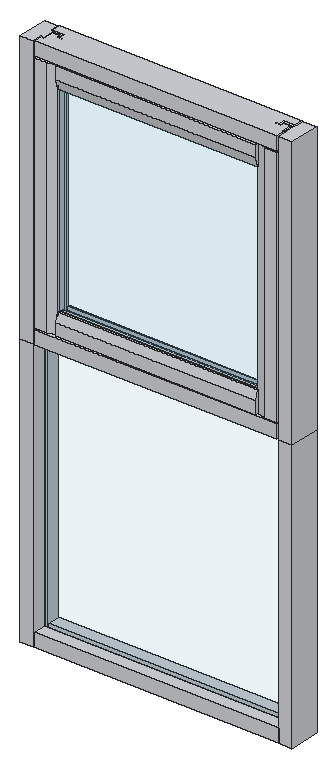
Revit family "ProTilt® High Performance AW-CA Window-SG & DG- Low lite", category Windows, host Wall, Revit 2021
Family settings
  Host = Wall
  OmniClass Number = 23.30.20.00
  OmniClass Title = Windows
  Always vertical = Yes
  Cut with Voids When Loaded = No
  Shared = No
  Room Calculation Point = No
Parameters (values of type "ASW100 MITRED ADAPTOR")
  YEAR = "2022"  # constant formula
  Width = 0.000 mm  # constant formula
  URL = "WWW.ALSPEC.COM.AU"
  TOLERANCE = 0.000 mm  # constant formula
  Single Glazing Thickness [instance] = 5.000 mm
  Single Glazed [instance] = not(Double Glazed)  # no
  Sash Material [instance] = none
  Rough Width = 0.000 mm  # constant formula
  Rough Height = 0.000 mm  # constant formula
  Overall Width [instance] = 900.000 mm
  AW/CA Window Height [instance] = 900.000 mm
  Opening- Right [instance] = yes
  Opening- Left [instance] = yes
  Opening- Down [instance] = yes
  Offset [instance] = 10.000 mm  # constant formula
  Model = "ProTilt® High Performance Awning/Casement Window-SG & DG "  # constant formula
  Manufacturer = "ALSPEC"
  Low Lite Height [instance] = 900.000 mm
  Height = 0.000 mm  # constant formula
  Glazing Material [instance] = Glass
  Frame material [instance] = none
  Fixed Glass Thickness [instance] = 8.000 mm
  Ext Frame Width = 49.400 mm  # constant formula
  Double Glazing Thickness [instance] = 18.000 mm
  Double Glazed [instance] = yes
  Define Thermal Properties by = Schematic Type
  Default Sill Height = 1800.000 mm
  Wall Closure = By host
  CREATOR = "Viraj Mhatre"  # constant formula
  COMPANY = "ALSPEC"  # constant formula
  Analytic Construction = "<None>"
Reference planes
  plane 1 "Center (Front/Back)": y = 0
  plane 2 "Center (Left/Right)": x = 0
  plane 3 "Left": x = -450
  plane 4 "Right": x = 450
  plane 5 "Sill": z = 1800
  plane 6 "Head": z = 2700
  plane 7 "Exterior": y = 100
  plane 8 "Interior": y = -100
  plane 9: y = 90
  plane 10: z = 1800
  plane 11: z = 1849.4
  plane 12: y = -11.6
  plane 13 "FRAME CENTRE": y = 42
  plane 14: y = 72.8
  plane 15: z = 2700
  plane 16: x = -400.6
  plane 17: x = 400.6
  plane 18: y = 38.4
  plane 19: z = 2650.6
  plane 20: y = 14.9
  plane 21: z = 2250
  plane 22: y = 6.1
  plane 23: z = 1050.335
  plane 24: z = 900
  plane 25: y = 39.2
  plane 26: x = -405.5
  plane 27: x = 405.5
  plane 28: y = 43.2
  plane 29: y = 35.2
  plane 30: x = -415.5
  plane 31: x = 415.5
  plane 32: z = 933.897
  plane 33: z = 1810.603
Forms (mm)
  Extrusion 1, solid, material <- "Frame material", visible <- "Double Glazed"
    sketch origin (-172.583, 264.351, 2700) x (0, 1, 0) y (-1, 0, 0)
      loop
        line (-275.951, -622.583) -> (-174.351, -622.583) -> (-174.351, -578.183) -> (-201.921, -578.183) -> (-201.921, -537.685) -> (-220.321, -537.685) -> (-220.321, -527.685) -> (-221.921, -527.685) -> (-221.921, -542.685) -> (-210.921, -542.685) -> (-210.921, -568.183) -> (-245.801, -568.183) -> (-245.801, -578.183) -> (-275.951, -578.183) -> (-275.951, -622.583)
      loop
        line (-275.951, 277.417) -> (-275.951, 233.017) -> (-245.801, 233.017) -> (-245.801, 223.017) -> (-210.921, 223.017) -> (-210.921, 197.519) -> (-221.921, 197.519) -> (-221.921, 182.52) -> (-220.321, 182.52) -> (-220.321, 192.52) -> (-201.921, 192.52) -> (-201.921, 233.017) -> (-174.351, 233.017) -> (-174.351, 277.417) -> (-275.951, 277.417)
    from -900 to 0
  Extrusion 2, solid, material <- "Frame material", visible <- "Double Glazed"
    sketch origin (-450, 0, 0) x (0, -1, 0) y (0, 0, 1)
      loop
        line (-62.43, 2655.6) -> (-62.43, 2615.103) -> (-44.03, 2615.103) -> (-44.03, 2605.103) -> (-42.43, 2605.103) -> (-42.43, 2620.102) -> (-53.43, 2620.102) -> (-53.43, 2645.6) -> (-18.55, 2645.6) -> (-18.55, 2655.6) -> (11.6, 2655.6) -> (11.6, 2700) -> (-90, 2700) -> (-90, 2655.6) -> (-62.43, 2655.6)
      loop
        line (11.6, 1800) -> (11.6, 1844.4) -> (-18.55, 1844.4) -> (-18.55, 1854.4) -> (-53.43, 1854.4) -> (-53.43, 1883.297) -> (-42.43, 1883.297) -> (-42.43, 1894.897) -> (-44.03, 1894.897) -> (-44.03, 1884.897) -> (-62.43, 1884.897) -> (-62.43, 1844.4) -> (-90, 1844.4) -> (-90, 1800) -> (11.6, 1800)
    from -850.6 to -49.4
  Extrusion 3, solid, material <- "Frame material", visible <- "Single Glazed"
    sketch origin (-172.583, 264.351, 2700) x (0, 1, 0) y (-1, 0, 0)
      loop
        line (-174.351, 277.417) -> (-275.951, 277.417) -> (-275.951, 233.017) -> (-245.801, 233.017) -> (-245.801, 223.017) -> (-210.921, 223.017) -> (-210.921, 194.12) -> (-221.921, 194.12) -> (-221.921, 182.52) -> (-220.321, 182.52) -> (-220.321, 192.52) -> (-201.921, 192.52) -> (-201.921, 233.017) -> (-174.351, 233.017) -> (-174.351, 277.417)
      loop
        line (-174.351, -622.583) -> (-174.351, -578.183) -> (-201.921, -578.183) -> (-201.921, -537.685) -> (-220.321, -537.685) -> (-220.321, -527.685) -> (-221.921, -527.685) -> (-221.921, -539.285) -> (-210.921, -539.285) -> (-210.921, -568.183) -> (-245.801, -568.183) -> (-245.801, -578.183) -> (-275.951, -578.183) -> (-275.951, -622.583) -> (-174.351, -622.583)
    from -900 to 0
  Extrusion 4, solid, material <- "Frame material", visible <- "Single Glazed"
    sketch origin (-450, 0, 0) x (0, -1, 0) y (0, 0, 1)
      loop
        line (11.6, 1800) -> (11.6, 1844.4) -> (-18.55, 1844.4) -> (-18.55, 1854.4) -> (-53.43, 1854.4) -> (-53.43, 1883.297) -> (-42.43, 1883.297) -> (-42.43, 1894.897) -> (-44.03, 1894.897) -> (-44.03, 1884.897) -> (-62.43, 1884.897) -> (-62.43, 1844.4) -> (-90, 1844.4) -> (-90, 1800) -> (11.6, 1800)
      loop
        line (-90, 2655.6) -> (-62.43, 2655.6) -> (-62.43, 2615.103) -> (-44.03, 2615.103) -> (-44.03, 2605.103) -> (-42.43, 2605.103) -> (-42.43, 2620.102) -> (-53.43, 2620.102) -> (-53.43, 2645.6) -> (-18.55, 2645.6) -> (-18.55, 2655.6) -> (11.6, 2655.6) -> (11.6, 2700) -> (-90, 2700) -> (-90, 2655.6)
    from -850.6 to -49.4
  Extrusion 5, solid
    sketch origin (-172.583, 264.351, 2700) x (0, 1, 0) y (-1, 0, 0)
      loop
        line (-275.951, 277.417) -> (-275.951, 232.917) -> (-234.651, 232.917) -> (-234.651, 242.917) -> (-215.651, 242.917) -> (-215.651, 232.917) -> (-174.351, 232.917) -> (-174.351, 277.417) -> (-275.951, 277.417)
      loop
        line (-234.651, -588.083) -> (-234.651, -578.083) -> (-275.951, -578.083) -> (-275.951, -622.583) -> (-174.351, -622.583) -> (-174.351, -578.083) -> (-215.651, -578.083) -> (-215.651, -588.083) -> (-234.651, -588.083)
    from -1800 to -900
  Extrusion 6, solid
    sketch origin (-450, 0, 0) x (0, -1, 0) y (0, 0, 1)
      loop
        line (-89.7, 900) -> (11.3, 900) -> (11.3, 944.5) -> (-30.403, 944.5) -> (-30.403, 933.897) -> (-48.32, 933.897) -> (-48.32, 944.488) -> (-89.7, 944.488) -> (-89.7, 900)
    from -855.5 to -44.5
  Extrusion 7, solid, material "Glass" <- "Glazing Material"
    sketch origin (-172.583, 264.351, 2700) x (0, 1, 0) y (-1, 0, 0)
      loop
        line (-221.151, 242.917) -> (-229.151, 242.917) -> (-229.151, -588.083) -> (-221.151, -588.083) -> (-221.151, 242.917)
    from -1766.103 to -889.397
Lines and regions (mm)
  Opening 1
    outline origin (3500, -100, 0) x (1, 0, 0) y (0, 0, 1)
      loop
        line (-3050, 900) -> (-3050, 2700) -> (-3950, 2700) -> (-3950, 900) -> (-3050, 900)
  Masking region 1
    outline origin (-172.583, 264.351, 2700) x (0, 1, 0) y (-1, 0, 0)
      loop
        line (-275.951, 277.417) -> (-275.951, 233.017) -> (-245.801, 233.017) -> (-245.801, 223.017) -> (-210.921, 223.017) -> (-210.921, 197.519) -> (-221.921, 197.519) -> (-221.921, 182.52) -> (-220.321, 182.52) -> (-220.321, 192.52) -> (-201.921, 192.52) -> (-201.921, 233.017) -> (-174.351, 233.017) -> (-174.351, 277.417) -> (-275.951, 277.417)
      loop
        line (-275.951, -622.583) -> (-174.351, -622.583) -> (-174.351, -578.183) -> (-201.921, -578.183) -> (-201.921, -537.685) -> (-220.321, -537.685) -> (-220.321, -527.685) -> (-221.921, -527.685) -> (-221.921, -542.685) -> (-210.921, -542.685) -> (-210.921, -568.183) -> (-245.801, -568.183) -> (-245.801, -578.183) -> (-275.951, -578.183) -> (-275.951, -622.583)
  Masking region 2
    outline origin (-450, 0, 0) x (0, -1, 0) y (0, 0, 1)
      loop
        line (-62.43, 2615.103) -> (-44.03, 2615.103) -> (-44.03, 2605.103) -> (-42.43, 2605.103) -> (-42.43, 2620.102) -> (-53.43, 2620.102) -> (-53.43, 2645.6) -> (-18.55, 2645.6) -> (-18.55, 2655.6) -> (11.6, 2655.6) -> (11.6, 2700) -> (-90, 2700) -> (-90, 2655.6) -> (-62.43, 2655.6) -> (-62.43, 2615.103)
      loop
        line (11.6, 1800) -> (11.6, 1844.4) -> (-18.55, 1844.4) -> (-18.55, 1854.4) -> (-53.43, 1854.4) -> (-53.43, 1883.297) -> (-42.43, 1883.297) -> (-42.43, 1894.897) -> (-44.03, 1894.897) -> (-44.03, 1884.897) -> (-62.43, 1884.897) -> (-62.43, 1844.4) -> (-90, 1844.4) -> (-90, 1800) -> (11.6, 1800)
  Masking region 3
    outline origin (-172.583, 264.351, 2700) x (0, 1, 0) y (-1, 0, 0)
      loop
        line (-245.801, 233.017) -> (-245.801, 223.017) -> (-210.921, 223.017) -> (-210.921, 194.12) -> (-221.921, 194.12) -> (-221.921, 182.52) -> (-220.321, 182.52) -> (-220.321, 192.52) -> (-201.921, 192.52) -> (-201.921, 233.017) -> (-174.351, 233.017) -> (-174.351, 277.417) -> (-275.951, 277.417) -> (-275.951, 233.017) -> (-245.801, 233.017)
      loop
        line (-275.951, -578.183) -> (-275.951, -622.583) -> (-174.351, -622.583) -> (-174.351, -578.183) -> (-201.921, -578.183) -> (-201.921, -537.685) -> (-220.321, -537.685) -> (-220.321, -527.685) -> (-221.921, -527.685) -> (-221.921, -539.285) -> (-210.921, -539.285) -> (-210.921, -568.183) -> (-245.801, -568.183) -> (-245.801, -578.183) -> (-275.951, -578.183)
  Masking region 4
    outline origin (-450, 0, 0) x (0, -1, 0) y (0, 0, 1)
      loop
        line (387.885, 2655.6) -> (387.885, 2700) -> (286.285, 2700) -> (286.285, 2655.6) -> (313.855, 2655.6) -> (313.855, 2615.103) -> (332.255, 2615.103) -> (332.255, 2605.103) -> (333.855, 2605.103) -> (333.855, 2616.703) -> (322.855, 2616.703) -> (322.855, 2645.6) -> (357.735, 2645.6) -> (357.735, 2655.6) -> (387.885, 2655.6)
      loop
        line (11.6, 1800) -> (11.6, 1844.4) -> (-18.55, 1844.4) -> (-18.55, 1854.4) -> (-53.43, 1854.4) -> (-53.43, 1883.297) -> (-42.43, 1883.297) -> (-42.43, 1894.897) -> (-44.03, 1894.897) -> (-44.03, 1884.897) -> (-62.43, 1884.897) -> (-62.43, 1844.4) -> (-90, 1844.4) -> (-90, 1800) -> (11.6, 1800)
  Masking region 5
    outline origin (-172.583, 264.351, 2700) x (0, 1, 0) y (-1, 0, 0)
      loop
        line (-275.951, 277.417) -> (-275.951, 232.917) -> (-234.651, 232.917) -> (-234.651, 242.917) -> (-215.651, 242.917) -> (-215.651, 232.917) -> (-174.351, 232.917) -> (-174.351, 277.417) -> (-275.951, 277.417)
      loop
        line (-275.951, -622.583) -> (-174.351, -622.583) -> (-174.351, -578.083) -> (-215.651, -578.083) -> (-215.651, -588.083) -> (-234.651, -588.083) -> (-234.651, -578.083) -> (-275.951, -578.083) -> (-275.951, -622.583)
  Masking region 6
    outline origin (-450, 0, 0) x (0, -1, 0) y (0, 0, 1)
      loop
        line (-89.7, 900) -> (11.3, 900) -> (11.3, 944.5) -> (-30.403, 944.5) -> (-30.403, 933.897) -> (-48.32, 933.897) -> (-48.32, 944.488) -> (-89.7, 944.488) -> (-89.7, 900)
  symbolic lines, visible <- "Opening- Down"
    curve 1: line (430.853, 90, 2593.353) -> (0, 90, 1919.1)
    curve 2: line (-430.853, 90, 2593.353) -> (0, 90, 1919.1)
  symbolic lines, visible <- "Opening- Left"
    curve 3: line (-400.6, 90, 2700) -> (450, 90, 2250)
    curve 4: line (450, 90, 2250) -> (-400.6, 90, 1800)
  symbolic lines, visible <- "Opening- Right"
    curve 5: line (400.6, 90, 2700) -> (-450, 90, 2250)
    curve 6: line (-450, 90, 2250) -> (400.6, 90, 1800)
Text (mm)
  text "EXTERIOR" at (-1963.203, 976.104, 0), in view "Ref. Level"
  text "INTERIOR" at (-1981.466, -1062.665, 0), in view "Ref. Level"
  text "Exterior" at (0, 923.751, 2943.296), in view "Right"
  text "Exterior" at (0, 1040.484, 2685.409), in view "Left"
Dimensions and locks
  "Default Sill Height": plane 5 "Sill" to level
  locked: plane 7 "Exterior" to host wall
  locked: plane 8 "Interior" to host wall
  "Offset": plane 9 to plane 7 "Exterior"
  locked: plane 9 to plane 12 at 101.6
  locked: plane 9 to plane 14 at 17.2
  "TOLERANCE": plane 5 "Sill" to plane 10
  "AW/CA Window Height": plane 6 "Head" to plane 10
  equal spacing: plane 3 "Left", plane 2 "Center (Left/Right)", plane 4 "Right"
  "Overall Width": plane 3 "Left" to plane 4 "Right"
  "Ext Frame Width": plane 3 "Left" to plane 16
  "Ext Frame Width": plane 17 to plane 4 "Right"
  locked: plane 9 to plane 18 at 51.6
  locked: plane 19 to plane 6 "Head" at 49.4
  locked: plane 11 to plane 10 at 49.4
  locked: plane 9 to plane 20 at 75.1
  equal spacing: plane 5 "Sill", plane 21, plane 15
  locked: plane 9 to plane 22 at 83.9
  locked: plane 25 to plane 18 at 0.8
  "Low Lite Height": plane 24 to plane 10
  locked: plane 16 to plane 26 at 4.9
  locked: plane 17 to plane 27 at 4.9
  equal spacing: plane 28, plane 25, plane 29
  "Fixed Glass Thickness": plane 28 to plane 29
  locked: plane 30 to plane 16 at 14.9
  locked: plane 17 to plane 31 at 14.9
  locked: plane 32 to plane 24 at 33.897
  locked: plane 33 to plane 10 at 10.603
  aligned and locked: plane 15 to plane 6 "Head"
  aligned and locked: plane 16 to nested 1
  aligned and locked: plane 17 to nested 2
  aligned and locked: nested 1 to plane 18
  aligned and locked: plane 18 to nested 2
  aligned and locked: Masking region 1 sketch curve to nested 1  (x14)
  aligned and locked: Masking region 1 sketch curve to nested 2  (x14)
  aligned and locked: Extrusion 1 sketch curve to nested 2  (x14)
  aligned and locked: Extrusion 1 sketch curve to nested 1  (x14)
  aligned and locked: Extrusion 1 to plane 6 "Head"
  aligned and locked: plane 5 "Sill" to Extrusion 1
  aligned and locked: Extrusion 2 to plane 16
  aligned and locked: plane 17 to Extrusion 2
  aligned and locked: nested 3 to plane 20
  aligned and locked: nested 4 to plane 6 "Head"
  aligned and locked: nested 4 to plane 18
  aligned and locked: Extrusion 2 sketch curve to nested 4  (x14)
  aligned and locked: Masking region 2 sketch curve to Extrusion 2  (x14)
  aligned and locked: plane 10 to nested 5
  aligned and locked: nested 5 to plane 18
  aligned and locked: Masking region 2 sketch curve to nested 5  (x13)
  aligned and locked: nested 5 to Masking region 2 sketch curve
  aligned and locked: Extrusion 2 sketch curve to nested 5  (x13)
  aligned and locked: nested 5 to Extrusion 2 sketch curve
  aligned and locked: plane 16 to nested 3
  aligned and locked: plane 17 to nested 3
  aligned and locked: plane 19 to nested 3
  aligned and locked: plane 11 to nested 3
  aligned and locked: plane 16 to nested 6
  aligned and locked: plane 17 to nested 7
  aligned and locked: Extrusion 3 sketch curve to nested 6  (x13)
  aligned and locked: nested 6 to Extrusion 3 sketch curve
  aligned and locked: Extrusion 3 to plane 6 "Head"
  aligned and locked: plane 5 "Sill" to Extrusion 3
  aligned and locked: nested 6 to Masking region 3 sketch curve
  aligned and locked: Masking region 3 sketch curve to nested 6  (x13)
  aligned and locked: Masking region 3 sketch curve to nested 7  (x13)
  aligned and locked: nested 7 to Masking region 3 sketch curve
  aligned and locked: Extrusion 3 sketch curve to nested 7  (x13)
  aligned and locked: nested 9 to plane 6 "Head"
  aligned and locked: plane 10 to nested 8
  aligned and locked: Masking region 4 sketch curve to nested 9  (x5)
  aligned and locked: nested 9 to Masking region 4 sketch curve  (x2)
  aligned and locked: Masking region 4 sketch curve to nested 8  (x13)
  aligned and locked: nested 8 to Masking region 4 sketch curve
  aligned and locked: Extrusion 4 sketch curve to nested 8  (x13)
  aligned and locked: nested 8 to Extrusion 4 sketch curve
  aligned and locked: plane 17 to Extrusion 4
  aligned and locked: Extrusion 4 to plane 16
  aligned and locked: plane 18 to nested 7
  aligned and locked: nested 6 to plane 18
  aligned and locked: nested 8 to plane 18
  aligned and locked: nested 9 to plane 18
  aligned and locked: Extrusion 4 sketch curve to Masking region 2  (x14)
  aligned and locked: plane 16 to nested 10
  aligned and locked: plane 17 to nested 10
  aligned and locked: plane 22 to nested 10
  aligned and locked: plane 19 to nested 10
  aligned and locked: plane 11 to nested 10
  aligned and locked: plane 25 to nested 11
  aligned and locked: nested 12 to plane 25
  aligned and locked: nested 11 to plane 3 "Left"
  aligned and locked: nested 12 to plane 4 "Right"
  aligned and locked: Masking region 5 sketch curve to nested 11  (x7)
  aligned and locked: nested 11 to Masking region 5 sketch curve
  aligned and locked: Masking region 5 sketch curve to nested 12  (x7)
  aligned and locked: nested 12 to Masking region 5 sketch curve
  aligned and locked: Extrusion 5 sketch curve to nested 11  (x7)
  aligned and locked: nested 11 to Extrusion 5 sketch curve
  aligned and locked: nested 12 to Extrusion 5 sketch curve
  aligned and locked: Extrusion 5 sketch curve to nested 12  (x7)
  aligned and locked: Opening 1 sketch curve to plane 24
  aligned and locked: Extrusion 5 to host wall
  aligned and locked: Extrusion 5 to plane 5 "Sill"
  aligned and locked: nested 13 to plane 25
  aligned and locked: nested 13 to plane 24
  aligned and locked: Masking region 6 sketch curve to nested 13  (x8)
  aligned and locked: Extrusion 6 sketch curve to nested 13  (x8)
  aligned and locked: plane 26 to Extrusion 6
  aligned and locked: Extrusion 6 to plane 27
  aligned and locked: plane 25 to nested 14
  aligned and locked: plane 10 to nested 14
  aligned and locked: plane 28 to Extrusion 7 sketch curve
  aligned and locked: Extrusion 7 sketch curve to plane 29
  aligned and locked: Extrusion 7 to plane 30
  aligned and locked: plane 31 to Extrusion 7
  aligned and locked: Extrusion 7 to plane 32
  aligned and locked: plane 33 to Extrusion 7
Automatic sketch dimensions
  plane 3 "Left" to Opening 1 sketch curve = 0.000 mm
  Opening 1 sketch curve to plane 4 "Right" = 0.000 mm
  Opening 1 sketch curve to plane 6 "Head" = 0.000 mm
  plane 4 "Right" to curve 3 = 0.000 mm
  curve 5 to plane 6 "Head" = 0.000 mm
  curve 5 to plane 17 = 0.000 mm
  curve 6 to plane 5 "Sill" = 0.000 mm
  curve 6 to plane 17 = 0.000 mm
  plane 2 "Center (Left/Right)" to curve 2 = 0.000 mm
  curve 3 to plane 6 "Head" = 0.000 mm
  curve 3 to plane 16 = 0.000 mm
  curve 4 to plane 5 "Sill" = 0.000 mm
  curve 4 to plane 16 = 0.000 mm
  plane 3 "Left" to curve 6 = 0.000 mm
  curve 3 to plane 21 = 0.000 mm
  curve 6 to plane 21 = 0.000 mm
  plane 11 to curve 2 = 69.700 mm
  plane 4 "Right" to curve 1 = 19.147 mm
  curve 2 to plane 3 "Left" = 19.147 mm
  curve 2 to plane 19 = 57.247 mm
  curve 1 to plane 19 = 57.247 mm
  plane 17 to Extrusion 3 sketch curve = 5.000 mm
  plane 6 "Head" to Masking region 4 sketch curve = 0.000 mm
  Masking region 4 sketch curve to plane 12 = 274.685 mm
  plane 19 to Masking region 4 sketch curve = 5.000 mm  (x2)
  Masking region 4 sketch curve to Masking region 4 sketch curve = 27.570 mm
  Masking region 4 sketch curve to Masking region 4 sketch curve = 9.000 mm
  Masking region 4 sketch curve to Masking region 4 sketch curve = 9.400 mm
  Masking region 4 sketch curve to Masking region 4 sketch curve = 1.600 mm  (x2)
  Masking region 4 sketch curve to plane 19 = 5.000 mm
  Masking region 4 sketch curve to Masking region 4 sketch curve = 34.880 mm
  Masking region 4 sketch curve to Masking region 4 sketch curve = 30.150 mm
  Masking region 4 sketch curve to Masking region 4 sketch curve = 28.897 mm
  Masking region 4 sketch curve to Masking region 4 sketch curve = 10.000 mm
  Masking region 6 sketch curve to plane 24 = 0.000 mm
  Masking region 6 sketch curve to plane 9 = 0.300 mm
  plane 13 "FRAME CENTRE" to Masking region 6 sketch curve = 6.320 mm
  Masking region 6 sketch curve to plane 18 = 7.997 mm
  plane 12 to Masking region 6 sketch curve = 0.300 mm
  plane 24 to Masking region 6 sketch curve = 33.897 mm
  Masking region 6 sketch curve to Masking region 6 sketch curve = 10.591 mm
  Masking region 6 sketch curve to Masking region 6 sketch curve = 10.603 mm
  Extrusion 6 sketch curve to plane 24 = 0.000 mm
  Extrusion 6 sketch curve to plane 9 = 0.300 mm
  plane 13 "FRAME CENTRE" to Extrusion 6 sketch curve = 6.320 mm
  Extrusion 6 sketch curve to plane 18 = 7.997 mm
  plane 12 to Extrusion 6 sketch curve = 0.300 mm
  plane 24 to Extrusion 6 sketch curve = 33.897 mm
  Extrusion 6 sketch curve to Extrusion 6 sketch curve = 10.591 mm
  Extrusion 6 sketch curve to Extrusion 6 sketch curve = 10.603 mm
  Extrusion 7 sketch curve to plane 3 "Left" = 865.500 mm
  Extrusion 7 sketch curve to Extrusion 7 sketch curve = 831.000 mm
Nested families
  nested 1: "DG Ext Frame AS91C" at (-400.6, 38.4, 2700), type "DG Ext Frame AS91C", detail levels fine
  nested 2: "DG Ext Frame AS91C" at (400.6, 38.4, 2700) x (-1, 0, 0) z (0, 0, 1), type "DG Ext Frame AS91C", detail levels fine
  nested 3: "Sliding Panel DG" at (0, 14.9, 1849.4), visible <- "Double Glazed", Double Glazing Thickness <- "Double Glazing Thickness", Glazing Material <- "Glazing Material", Sash Material <- "Sash Material", type "SLIDING_GLAZED PANEL"
    with Thickness Control 24.000 mm, Sash Material none, Panel Width 801.200 mm, Panel Height 801.200 mm, Glazing Material Glass, Double Glazing Thickness 18.000 mm, Air Pocket 8.000 mm
  nested 4: "DG Ext Head AS91C" at (-450, 38.4, 2700) x (0, 1, 0) z (-1, 0, 0), type "DG Ext Head AS91C", detail levels fine
  nested 5: "DG Ext Sill AS91C" at (-450, 38.4, 1800) x (0, 1, 0) z (-1, 0, 0), type "DG Ext Sill AS91C", detail levels fine
  nested 6: "SG Ext Frame AS24" at (-400.6, 38.4, 2700), type "SG Ext Frame AS24", detail levels fine
  nested 7: "SG Ext Frame AS24" at (400.6, 38.4, 2700) x (-1, 0, 0) z (0, 0, 1), type "SG Ext Frame AS24", detail levels fine
  nested 8: "SG Ext Sill AS24" at (-450, 38.4, 1800) x (0, 1, 0) z (-1, 0, 0), type "SG Ext Sill AS24", detail levels fine
  nested 9: "SG Ext Head AS24" at (-450, 38.4, 2700) x (0, 1, 0) z (-1, 0, 0), type "SG Ext Head AS24", detail levels fine
  nested 10: "Sliding Panel SG" at (0, 6.1, 1849.4), visible <- "Single Glazed", Single Glazing Thickness <- "Single Glazing Thickness", Glazing Material <- "Glazing Material", Sash Material <- "Sash Material", type "SLIDING_GLAZED PANEL"
    with Thickness Control 5.000 mm, Single Glazing Thickness 5.000 mm, Sash Material none, Panel Width 801.200 mm, Panel Height 801.200 mm, Glazing Material Glass, Air Pocket 8.000 mm
  nested 11: "SG ME1" at (-405.5, 39.2, 2700), type "SG ME1", detail levels fine
  nested 12: "SG ME1" at (405.5, 39.2, 2700) x (-1, 0, 0) z (0, 0, 1), type "SG ME1", detail levels fine
  nested 13: "SG Int side lite ME2 ME3 Sill" at (-450, 39.2, 900) x (0, -1, 0) z (-1, 0, 0), type "SG Int side lite ME2 ME3 Sill", detail levels fine
  nested 14: "SG Int side lite ME2 ME3 Sill" at (-450, 39.2, 1844.5) x (0, -1, 0) z (-1, 0, 0), type "SG Int side lite ME2 ME3 Sill", detail levels fine
Definition of nested family "Sliding Panel DG"
  Parameters (values of type "SLIDING_GLAZED PANEL")
    YEAR = "2022"  # constant formula
    Width = 0.000 mm  # constant formula
    Thickness Control [instance] = if(Double Glazing Thickness > 28.000 mm, 28.000 mm, if(Double Glazing Thickness < 24.000 mm, 24.000 mm, Double Glazing Thickness))  # 27.000 mm
    Thickness = 0.000 mm  # constant formula
    TODAYS DATE = "01/06/2022"  # constant formula
    Sash Material [instance] = none
    Rough Width = 0.000 mm  # constant formula
    Rough Height = 0.000 mm  # constant formula
    Panel Width [instance] = 1400.000 mm
    Panel Height [instance] = 2200.000 mm
    JAMP WIDTH = 69.700 mm  # constant formula
    Height = 0.000 mm  # constant formula
    HEAD_JAMP HEIGHT = 69.700 mm  # constant formula
    Glazing Material [instance] = none
    Double Glazing Thickness [instance] = 27.000 mm
    Define Thermal Properties by = 1
    Default Elevation = 1219.200 mm
    CREATOR = "Viraj Mhatre"  # constant formula
    COMPANY = "ALSPEC"  # constant formula
    BOTTOM_JAMP HEIGHT = 69.700 mm  # constant formula
    Analytic Construction = "<None>"
    Air Pocket [instance] = 8.000 mm  # constant formula
  Reference planes
    plane 1 "Center (Front/Back)": y = 0
    plane 2: z = 0
    plane 3 "Center (Left/Right)": x = 0
    plane 4: x = -700
    plane 5: x = 700
    plane 6: x = -642.3
    plane 7: x = 642.3
    plane 8: z = 2200
    plane 9: z = 2130.353
    plane 10: z = 69.647
    plane 11: z = 1100
    plane 12: x = -630.3
    plane 13: x = 630.3
    plane 14: z = 57.65
    plane 15: z = 2142.35
    plane 16: y = 4
    plane 17: y = 13.5
    plane 18: y = -4
    plane 19: y = -13.5
  Forms (mm)
    Extrusion 1, solid, material <- "Sash Material"
      sketch origin (0, 0, 0) x (1, 0, 0) y (0, 1, 0)
        loop
          line (699.947, -26.5) -> (699.947, -19.54) -> (689.067, -19.54) -> (689.067, -1.35) -> (667.247, -1.35) -> (667.247, 23.5) -> (630.298, 23.5) -> (630.298, 18.956) -> (642.297, 18.956) -> (642.297, -14.869) -> (630.3, -14.869) -> (630.3, -18.502) -> (660.149, -26.5) -> (699.947, -26.5)
        loop
          line (-699.947, -26.5) -> (-660.149, -26.5) -> (-630.3, -18.502) -> (-630.3, -14.869) -> (-642.297, -14.869) -> (-642.297, 18.956) -> (-630.298, 18.956) -> (-630.298, 23.5) -> (-667.247, 23.5) -> (-667.247, -1.35) -> (-689.067, -1.35) -> (-689.067, -19.54) -> (-699.947, -19.54) -> (-699.947, -26.5)
      from 0 to 2200
    Extrusion 2, solid
      sketch origin (0, 0, 0) x (0, 1, 0) y (0, 0, 1)
        loop
          line (-26.5, 2200) -> (-26.5, 2160.202) -> (-18.502, 2130.353) -> (-14.902, 2130.353) -> (-14.902, 2142.35) -> (19.068, 2142.35) -> (19.068, 2130.351) -> (23.5, 2130.351) -> (23.5, 2167.303) -> (-1.35, 2167.303) -> (-1.35, 2189.12) -> (-19.54, 2189.12) -> (-19.54, 2200) -> (-26.5, 2200)
        loop
          line (-26.5, 0) -> (-19.54, 0) -> (-19.54, 10.88) -> (-1.35, 10.88) -> (-1.35, 32.697) -> (23.5, 32.697) -> (23.5, 69.649) -> (19.068, 69.649) -> (19.068, 57.65) -> (-14.902, 57.65) -> (-14.902, 69.647) -> (-18.502, 69.647) -> (-26.5, 39.798) -> (-26.5, 0)
      from -630.3 to 630.3
    Extrusion 3, solid, material <- "Glazing Material"
      sketch origin (0, 0, 0) x (1, 0, 0) y (0, 1, 0)
        loop
          line (-642.3, 13.5) -> (-642.3, 4) -> (642.3, 4) -> (642.3, 13.5) -> (-642.3, 13.5)
        loop
          line (-642.3, -4) -> (-642.3, -13.5) -> (642.3, -13.5) -> (642.3, -4) -> (-642.3, -4)
      from 57.65 to 2142.35
  Lines and regions (mm)
    Masking region 1
      outline origin (0, 0, 0) x (1, 0, 0) y (0, 1, 0)
        loop
          line (-699.947, -26.5) -> (-660.149, -26.5) -> (-630.3, -18.502) -> (-630.3, -14.869) -> (-642.297, -14.869) -> (-642.297, 18.956) -> (-630.298, 18.956) -> (-630.298, 23.5) -> (-667.247, 23.5) -> (-667.247, -1.35) -> (-689.067, -1.35) -> (-689.067, -19.54) -> (-699.947, -19.54) -> (-699.947, -26.5)
        loop
          line (699.947, -26.5) -> (699.947, -19.54) -> (689.067, -19.54) -> (689.067, -1.35) -> (667.247, -1.35) -> (667.247, 23.5) -> (630.298, 23.5) -> (630.298, 18.956) -> (642.297, 18.956) -> (642.297, -14.869) -> (630.3, -14.869) -> (630.3, -18.502) -> (660.149, -26.5) -> (699.947, -26.5)
    Masking region 2
      outline origin (0, 0, 0) x (0, 1, 0) y (0, 0, 1)
        loop
          line (-26.5, 0) -> (-19.54, 0) -> (-19.54, 10.88) -> (-1.35, 10.88) -> (-1.35, 32.697) -> (23.5, 32.697) -> (23.5, 69.649) -> (19.068, 69.649) -> (19.068, 57.65) -> (-14.902, 57.65) -> (-14.902, 69.647) -> (-18.502, 69.647) -> (-26.5, 39.798) -> (-26.5, 0)
        loop
          line (-26.5, 2160.202) -> (-18.502, 2130.353) -> (-14.902, 2130.353) -> (-14.902, 2142.35) -> (19.068, 2142.35) -> (19.068, 2130.351) -> (23.5, 2130.351) -> (23.5, 2167.303) -> (-1.35, 2167.303) -> (-1.35, 2189.12) -> (-19.54, 2189.12) -> (-19.54, 2200) -> (-26.5, 2200) -> (-26.5, 2160.202)
  Dimensions and locks
    equal spacing: plane 4, plane 3 "Center (Left/Right)", plane 5
    "Panel Width": plane 4 to plane 5
    equal spacing: plane 8, plane 11, plane 2
    "JAMP WIDTH": plane 4 to plane 12
    "JAMP WIDTH": plane 13 to plane 5
    locked: plane 13 to plane 7 at 12
    locked: plane 6 to plane 12 at 12
    locked: plane 10 to plane 14 at 11.997
    locked: plane 14 to level at 57.65
    locked: plane 8 to plane 15 at 57.65
    locked: plane 15 to plane 9 at 11.997
    "Air Pocket": plane 16 to plane 18
    equal spacing: plane 16, plane 1 "Center (Front/Back)", plane 18
    equal spacing: plane 17, plane 1 "Center (Front/Back)", plane 19
    "Thickness Control": plane 17 to plane 19
    "Panel Height": plane 8 to plane 2
    aligned and locked: level to plane 2
    aligned and locked: plane 12 to nested 1
    aligned and locked: plane 1 "Center (Front/Back)" to nested 1
    aligned and locked: plane 13 to nested 2
    aligned and locked: nested 2 to plane 1 "Center (Front/Back)"
    aligned and locked: Masking region 1 sketch curve to nested 1  (x13)
    aligned and locked: Masking region 1 sketch curve to nested 2  (x13)
    aligned and locked: Extrusion 1 sketch curve to nested 2  (x13)
    aligned and locked: Extrusion 1 sketch curve to nested 1  (x13)
    aligned and locked: plane 8 to Extrusion 1
    aligned and locked: Extrusion 1 to level
    aligned and locked: nested 3 to level
    aligned and locked: plane 1 "Center (Front/Back)" to nested 3
    aligned and locked: nested 4 to plane 8
    aligned and locked: nested 4 to plane 1 "Center (Front/Back)"
    aligned and locked: Masking region 2 sketch curve to nested 3  (x13)
    aligned and locked: Masking region 2 sketch curve to nested 4  (x13)
    aligned and locked: Extrusion 2 sketch curve to nested 4  (x13)
    aligned and locked: Extrusion 2 sketch curve to nested 3  (x13)
    aligned and locked: plane 13 to Extrusion 2
    aligned and locked: Extrusion 2 to plane 12
    aligned and locked: plane 17 to Extrusion 3 sketch curve
    aligned and locked: Extrusion 3 sketch curve to plane 16
    aligned and locked: plane 18 to Extrusion 3 sketch curve
    aligned and locked: Extrusion 3 sketch curve to plane 19
    aligned and locked: Extrusion 3 sketch curve to Extrusion 3 sketch curve  (x2)
    aligned and locked: plane 7 to Extrusion 3
    aligned and locked: Extrusion 3 to plane 6
    aligned and locked: Extrusion 3 to plane 14
    aligned and locked: plane 15 to Extrusion 3
  Automatic sketch dimensions
    plane 4 to Extrusion 3 sketch curve = 57.700 mm
    Extrusion 3 sketch curve to Extrusion 3 sketch curve = 1284.600 mm
  Nested families
    nested 1: "DG Int Frame  ASW104 ASW106" at (-699.947, 0, 0), type "DG Int Frame  ASW104 ASW106", detail levels fine
    nested 2: "DG Int Frame  ASW104 ASW106" at (699.947, 0, 0) x (-1, 0, 0) z (0, 0, 1), type "DG Int Frame  ASW104 ASW106", detail levels fine
    nested 3: "DG Int Head & Sill ASW104 ASW106" at (0, 0, 0) x (0, 1, 0) z (1, 0, 0), type "DG Int Head & Sill ASW104 ASW106", detail levels fine
    nested 4: "DG Int Head & Sill ASW104 ASW106" at (0, 0, 2200) x (0, 1, 0) z (1, 0, 0), type "DG Int Head & Sill ASW104 ASW106", detail levels fine
  Definition of nested family "DG Int Frame  ASW104 ASW106"
    Reference planes
      plane 1 "Center (Front/Back)": y = 0
      plane 2: z = 0
      plane 3 "Center (Left/Right)": x = 0
      plane 4: x = 69.647
      plane 5: x = 57.65
    Dimensions and locks
      aligned and locked: import instance to plane 1 "Center (Front/Back)"
      aligned and locked: plane 3 "Center (Left/Right)" to import instance
      aligned and locked: plane 5 to import instance
      aligned and locked: plane 4 to import instance
  Definition of nested family "DG Int Head & Sill ASW104 ASW106"
    Reference planes
      plane 1 "Center (Front/Back)": y = 0
      plane 2: z = 0
      plane 3 "Center (Left/Right)": x = 0
      plane 4: y = -57.65
      plane 5: y = -69.647
    Dimensions and locks
      aligned and locked: plane 1 "Center (Front/Back)" to import instance
      aligned and locked: plane 3 "Center (Left/Right)" to import instance
      aligned and locked: plane 4 to import instance
      aligned and locked: plane 5 to import instance
Definition of nested family "Sliding Panel SG"
  Parameters (values of type "SLIDING_GLAZED PANEL")
    YEAR = "2022"  # constant formula
    Width = 0.000 mm  # constant formula
    Thickness Control [instance] = if(Single Glazing Thickness > 16.000 mm, 16.000 mm, if(Single Glazing Thickness < 4.000 mm, 4.000 mm, Single Glazing Thickness))  # 9.000 mm
    Thickness = 0.000 mm  # constant formula
    TODAYS DATE = "01/06/2022"  # constant formula
    Sash Material [instance] = none
    Rough Width = 0.000 mm  # constant formula
    Rough Height = 0.000 mm  # constant formula
    Panel Width [instance] = 1400.000 mm
    Panel Height [instance] = 2200.000 mm
    JAMP WIDTH = 69.700 mm  # constant formula
    Height = 0.000 mm  # constant formula
    HEAD_JAMP HEIGHT = 69.700 mm  # constant formula
    Glazing Material [instance] = none
    Single Glazing Thickness [instance] = 9.000 mm
    Define Thermal Properties by = 1
    Default Elevation = 1219.200 mm
    CREATOR = "Viraj Mhatre"  # constant formula
    COMPANY = "ALSPEC"  # constant formula
    BOTTOM_JAMP HEIGHT = 69.700 mm  # constant formula
    Analytic Construction = "<None>"
    Air Pocket [instance] = 8.000 mm  # constant formula
  Reference planes
    plane 1 "Center (Front/Back)": y = 0
    plane 2: z = 0
    plane 3 "Center (Left/Right)": x = 0
    plane 4: x = -700
    plane 5: x = 700
    plane 6: x = -642.3
    plane 7: x = 642.3
    plane 8: z = 2200
    plane 9: z = 2130.353
    plane 10: z = 69.647
    plane 11: z = 1100
    plane 12: x = -630.3
    plane 13: x = 630.3
    plane 14: z = 57.65
    plane 15: z = 2142.35
    plane 16: y = 4.5
    plane 17: y = -4.5
  Forms (mm)
    Extrusion 1, solid, material <- "Sash Material"
      sketch origin (0, 0, 0) x (1, 0, 0) y (0, 1, 0)
        loop
          line (-699.95, -17.7) -> (-660.152, -17.7) -> (-630.303, -9.702) -> (-630.303, -6.215) -> (-642.3, -6.215) -> (-642.3, 9.927) -> (-630.3, 9.927) -> (-630.3, 32.3) -> (-667.253, 32.3) -> (-667.253, 7.45) -> (-689.07, 7.45) -> (-689.07, -10.74) -> (-699.95, -10.74) -> (-699.95, -17.7)
        loop
          line (699.95, -17.7) -> (699.95, -10.74) -> (689.07, -10.74) -> (689.07, 7.45) -> (667.253, 7.45) -> (667.253, 32.3) -> (630.3, 32.3) -> (630.3, 9.927) -> (642.3, 9.927) -> (642.3, -6.215) -> (630.303, -6.215) -> (630.303, -9.702) -> (660.152, -17.7) -> (699.95, -17.7)
      from 0 to 2200
    Extrusion 2, solid
      sketch origin (0, 0, 0) x (0, 1, 0) y (0, 0, 1)
        loop
          line (7.45, 10.88) -> (7.45, 32.697) -> (32.3, 32.697) -> (32.3, 69.65) -> (10.034, 69.65) -> (10.034, 57.65) -> (-6.187, 57.65) -> (-6.187, 69.647) -> (-9.702, 69.647) -> (-17.7, 39.798) -> (-17.7, 0) -> (-10.74, 0) -> (-10.74, 10.88) -> (7.45, 10.88)
        loop
          line (32.3, 2167.303) -> (7.45, 2167.303) -> (7.45, 2189.12) -> (-10.74, 2189.12) -> (-10.74, 2200) -> (-17.7, 2200) -> (-17.7, 2160.202) -> (-9.702, 2130.353) -> (-6.187, 2130.353) -> (-6.187, 2142.35) -> (10.034, 2142.35) -> (10.034, 2130.35) -> (32.3, 2130.35) -> (32.3, 2167.303)
      from -630.3 to 630.3
    Extrusion 3, solid, material <- "Glazing Material"
      sketch origin (0, 0, 0) x (1, 0, 0) y (0, 1, 0)
        loop
          line (-642.3, 4.5) -> (-642.3, -4.5) -> (642.3, -4.5) -> (642.3, 4.5) -> (-642.3, 4.5)
      from 57.65 to 2142.35
  Lines and regions (mm)
    Masking region 1
      outline origin (0, 0, 0) x (1, 0, 0) y (0, 1, 0)
        loop
          line (699.95, -17.7) -> (699.95, -10.74) -> (689.07, -10.74) -> (689.07, 7.45) -> (667.253, 7.45) -> (667.253, 32.3) -> (630.3, 32.3) -> (630.3, 9.927) -> (642.3, 9.927) -> (642.3, -6.215) -> (630.303, -6.215) -> (630.303, -9.702) -> (660.152, -17.7) -> (699.95, -17.7)
        loop
          line (-699.95, -17.7) -> (-660.152, -17.7) -> (-630.303, -9.702) -> (-630.303, -6.215) -> (-642.3, -6.215) -> (-642.3, 9.927) -> (-630.3, 9.927) -> (-630.3, 32.3) -> (-667.253, 32.3) -> (-667.253, 7.45) -> (-689.07, 7.45) -> (-689.07, -10.74) -> (-699.95, -10.74) -> (-699.95, -17.7)
    Masking region 2
      outline origin (0, 0, 0) x (0, 1, 0) y (0, 0, 1)
        loop
          line (32.3, 2167.303) -> (7.45, 2167.303) -> (7.45, 2189.12) -> (-10.74, 2189.12) -> (-10.74, 2200) -> (-17.7, 2200) -> (-17.7, 2160.202) -> (-9.702, 2130.353) -> (-6.187, 2130.353) -> (-6.187, 2142.35) -> (10.034, 2142.35) -> (10.034, 2130.35) -> (32.3, 2130.35) -> (32.3, 2167.303)
        loop
          line (32.3, 32.697) -> (32.3, 69.65) -> (10.034, 69.65) -> (10.034, 57.65) -> (-6.187, 57.65) -> (-6.187, 69.647) -> (-9.702, 69.647) -> (-17.7, 39.798) -> (-17.7, 0) -> (-10.74, 0) -> (-10.74, 10.88) -> (7.45, 10.88) -> (7.45, 32.697) -> (32.3, 32.697)
  Dimensions and locks
    equal spacing: plane 4, plane 3 "Center (Left/Right)", plane 5
    "Panel Width": plane 4 to plane 5
    equal spacing: plane 8, plane 11, plane 2
    "JAMP WIDTH": plane 4 to plane 12
    "JAMP WIDTH": plane 13 to plane 5
    locked: plane 13 to plane 7 at 12
    locked: plane 6 to plane 12 at 12
    locked: plane 10 to plane 14 at 11.997
    locked: plane 14 to level at 57.65
    locked: plane 8 to plane 15 at 57.65
    locked: plane 15 to plane 9 at 11.997
    "Panel Height": plane 8 to plane 2
    "Thickness Control": plane 16 to plane 17
    equal spacing: plane 16, plane 1 "Center (Front/Back)", plane 17
    aligned and locked: level to plane 2
    aligned and locked: plane 8 to Extrusion 1
    aligned and locked: Extrusion 1 to level
    aligned and locked: plane 13 to Extrusion 2
    aligned and locked: Extrusion 2 to plane 12
    aligned and locked: plane 12 to nested 1
    aligned and locked: plane 1 "Center (Front/Back)" to nested 1
    aligned and locked: plane 13 to nested 2
    aligned and locked: nested 2 to plane 1 "Center (Front/Back)"
    aligned and locked: Masking region 1 sketch curve to nested 2  (x13)
    aligned and locked: Masking region 1 sketch curve to nested 1  (x13)
    aligned and locked: Extrusion 1 sketch curve to nested 1  (x13)
    aligned and locked: Extrusion 1 sketch curve to nested 2  (x13)
    aligned and locked: plane 8 to nested 3
    aligned and locked: nested 3 to plane 1 "Center (Front/Back)"
    aligned and locked: level to nested 4
    aligned and locked: plane 1 "Center (Front/Back)" to nested 4
    aligned and locked: Masking region 2 sketch curve to nested 3  (x13)
    aligned and locked: Masking region 2 sketch curve to nested 4  (x13)
    aligned and locked: Extrusion 2 sketch curve to nested 4  (x13)
    aligned and locked: Extrusion 2 sketch curve to nested 3  (x13)
    aligned and locked: plane 16 to Extrusion 3 sketch curve
    aligned and locked: Extrusion 3 sketch curve to plane 17
    aligned and locked: Extrusion 3 to plane 6
    aligned and locked: plane 7 to Extrusion 3
    aligned and locked: Extrusion 3 to plane 14
    aligned and locked: plane 15 to Extrusion 3
  Automatic sketch dimensions
    Masking region 1 sketch curve to plane 13 = 0.000 mm
    Masking region 1 sketch curve to plane 7 = 0.000 mm
    plane 13 to Masking region 1 sketch curve = 0.003 mm
    plane 7 to Masking region 1 sketch curve = 17.852 mm
    plane 7 to Masking region 1 sketch curve = 24.953 mm
    Masking region 1 sketch curve to plane 5 = 10.930 mm
    Masking region 1 sketch curve to plane 5 = 0.050 mm
    Masking region 1 sketch curve to plane 6 = 0.000 mm
    Masking region 1 sketch curve to plane 12 = 0.000 mm
    Masking region 1 sketch curve to plane 6 = 17.852 mm
    Masking region 1 sketch curve to plane 6 = 24.953 mm
    plane 4 to Masking region 1 sketch curve = 10.930 mm
    plane 4 to Masking region 1 sketch curve = 0.050 mm
    Masking region 1 sketch curve to plane 12 = 0.003 mm
    Extrusion 1 sketch curve to plane 6 = 0.000 mm
    Extrusion 1 sketch curve to plane 12 = 0.000 mm
    Extrusion 1 sketch curve to plane 6 = 17.852 mm
    Extrusion 1 sketch curve to plane 6 = 24.953 mm
    plane 4 to Extrusion 1 sketch curve = 10.930 mm
    plane 4 to Extrusion 1 sketch curve = 0.050 mm
    Extrusion 1 sketch curve to plane 12 = 0.003 mm
    Extrusion 1 sketch curve to plane 13 = 0.000 mm
    Extrusion 1 sketch curve to plane 7 = 0.000 mm
    plane 13 to Extrusion 1 sketch curve = 0.003 mm
    plane 7 to Extrusion 1 sketch curve = 17.852 mm
    plane 7 to Extrusion 1 sketch curve = 24.953 mm
    Extrusion 1 sketch curve to plane 5 = 10.930 mm
    Extrusion 1 sketch curve to plane 5 = 0.050 mm
    Masking region 2 sketch curve to plane 8 = 0.000 mm
    Masking region 2 sketch curve to plane 15 = 0.000 mm
    Masking region 2 sketch curve to plane 9 = 0.000 mm
    Masking region 2 sketch curve to plane 9 = 0.003 mm
    plane 15 to Masking region 2 sketch curve = 17.852 mm
    plane 15 to Masking region 2 sketch curve = 24.953 mm
    Masking region 2 sketch curve to plane 8 = 10.880 mm
    Masking region 2 sketch curve to level = 0.000 mm
    Masking region 2 sketch curve to plane 10 = 0.000 mm
    Masking region 2 sketch curve to plane 14 = 0.000 mm
    plane 10 to Masking region 2 sketch curve = 0.003 mm
    level to Masking region 2 sketch curve = 10.880 mm
    Masking region 2 sketch curve to plane 14 = 24.953 mm
    Masking region 2 sketch curve to plane 14 = 17.852 mm
    Extrusion 2 sketch curve to level = 0.000 mm
    Extrusion 2 sketch curve to plane 10 = 0.000 mm
    Extrusion 2 sketch curve to plane 14 = 0.000 mm
    plane 10 to Extrusion 2 sketch curve = 0.003 mm
    level to Extrusion 2 sketch curve = 10.880 mm
    Extrusion 2 sketch curve to Extrusion 2 sketch curve = 21.817 mm
    Extrusion 2 sketch curve to plane 14 = 17.852 mm
    Extrusion 2 sketch curve to plane 8 = 0.000 mm
    Extrusion 2 sketch curve to plane 9 = 0.000 mm
    Extrusion 2 sketch curve to plane 15 = 0.000 mm
    Extrusion 2 sketch curve to plane 9 = 0.003 mm
    plane 15 to Extrusion 2 sketch curve = 17.852 mm
    plane 15 to Extrusion 2 sketch curve = 24.953 mm
    Extrusion 2 sketch curve to plane 8 = 10.880 mm
    Masking region 1 sketch curve to Masking region 1 sketch curve = 22.373 mm
    Masking region 1 sketch curve to Masking region 1 sketch curve = 24.850 mm
    Extrusion 1 sketch curve to Extrusion 1 sketch curve = 22.373 mm
    Extrusion 1 sketch curve to Extrusion 1 sketch curve = 24.850 mm
    Masking region 2 sketch curve to Masking region 2 sketch curve = 24.850 mm  (x2)
    Extrusion 2 sketch curve to Extrusion 2 sketch curve = 22.266 mm
    Extrusion 2 sketch curve to Extrusion 2 sketch curve = 24.850 mm
    Masking region 1 sketch curve to Masking region 1 sketch curve = 3.487 mm  (x2)
    Masking region 1 sketch curve to Masking region 1 sketch curve = 6.960 mm  (x2)
    Extrusion 1 sketch curve to Extrusion 1 sketch curve = 3.487 mm  (x2)
    Extrusion 1 sketch curve to Extrusion 1 sketch curve = 6.960 mm  (x2)
    Masking region 2 sketch curve to Masking region 2 sketch curve = 3.515 mm  (x2)
    Masking region 2 sketch curve to Masking region 2 sketch curve = 6.960 mm
    Extrusion 2 sketch curve to Extrusion 2 sketch curve = 3.515 mm  (x2)
    Extrusion 2 sketch curve to Extrusion 2 sketch curve = 6.960 mm
    Masking region 1 sketch curve to plane 1 "Center (Front/Back)" = 7.450 mm  (x2)
    Masking region 1 sketch curve to plane 1 "Center (Front/Back)" = 9.927 mm  (x2)
    Extrusion 1 sketch curve to plane 1 "Center (Front/Back)" = 7.450 mm  (x2)
    Extrusion 1 sketch curve to plane 1 "Center (Front/Back)" = 9.927 mm  (x2)
    Masking region 2 sketch curve to plane 1 "Center (Front/Back)" = 7.450 mm  (x2)
    Masking region 2 sketch curve to plane 1 "Center (Front/Back)" = 10.034 mm  (x2)
    Extrusion 2 sketch curve to plane 1 "Center (Front/Back)" = 7.450 mm  (x2)
    Extrusion 2 sketch curve to plane 1 "Center (Front/Back)" = 10.034 mm  (x2)
    plane 1 "Center (Front/Back)" to Masking region 1 sketch curve = 6.215 mm  (x2)
    plane 1 "Center (Front/Back)" to Masking region 1 sketch curve = 10.740 mm  (x2)
    plane 1 "Center (Front/Back)" to Extrusion 1 sketch curve = 6.215 mm  (x2)
    plane 1 "Center (Front/Back)" to Extrusion 1 sketch curve = 10.740 mm  (x2)
    plane 1 "Center (Front/Back)" to Masking region 2 sketch curve = 6.187 mm  (x2)
    plane 1 "Center (Front/Back)" to Masking region 2 sketch curve = 10.740 mm  (x2)
    plane 1 "Center (Front/Back)" to Masking region 2 sketch curve = 17.700 mm
    plane 1 "Center (Front/Back)" to Extrusion 2 sketch curve = 6.187 mm  (x2)
    plane 1 "Center (Front/Back)" to Extrusion 2 sketch curve = 10.740 mm  (x2)
    plane 1 "Center (Front/Back)" to Extrusion 2 sketch curve = 17.700 mm
    plane 4 to Extrusion 3 sketch curve = 57.700 mm
    Extrusion 3 sketch curve to Extrusion 3 sketch curve = 1284.600 mm
  Nested families
    nested 1: "SG Int Frame  ASW104 ASW53" at (-630.3, 0, 0), type "SG Int Frame  ASW104 ASW53"
    nested 2: "SG Int Frame  ASW104 ASW53" at (630.3, 0, 0) x (-1, 0, 0) z (0, 0, 1), type "SG Int Frame  ASW104 ASW53"
    nested 3: "SG Int Head & Sill ASW104 ASW53" at (0, 0, 2130.353) x (0, 1, 0) z (1, 0, 0), type "SG Int Head & Sill ASW104 ASW53", detail levels fine
    nested 4: "SG Int Head & Sill ASW104 ASW53" at (0, 0, 69.647) x (0, 1, 0) z (1, 0, 0), type "SG Int Head & Sill ASW104 ASW53", detail levels fine
  Definition of nested family "SG Int Frame  ASW104 ASW53"
    Reference planes
      plane 1 "Center (Front/Back)": y = 0
      plane 2: z = 0
      plane 3 "Center (Left/Right)": x = 0
      plane 4: x = -69.65
      plane 5: x = -12
    Dimensions and locks
      aligned and locked: import instance to plane 3 "Center (Left/Right)"
      aligned and locked: plane 1 "Center (Front/Back)" to import instance
      aligned and locked: plane 4 to import instance
      aligned and locked: plane 5 to import instance
  Definition of nested family "SG Int Head & Sill ASW104 ASW53"
    Reference planes
      plane 1 "Center (Front/Back)": y = 0
      plane 2: z = 0
      plane 3 "Center (Left/Right)": x = 0
      plane 4: y = 69.647
      plane 5: y = 11.997
    Dimensions and locks
      aligned and locked: import instance to plane 1 "Center (Front/Back)"
      aligned and locked: plane 3 "Center (Left/Right)" to import instance
      aligned and locked: plane 5 to import instance
      aligned and locked: plane 4 to import instance
Definition of nested family "DG Ext Frame AS91C"
  Reference planes
    plane 1 "Center (Front/Back)": y = 0
    plane 2: z = 0
    plane 3 "Center (Left/Right)": x = 0
    plane 4: y = -23.5
  Dimensions and locks
    aligned and locked: plane 3 "Center (Left/Right)" to import instance
    aligned and locked: import instance to plane 1 "Center (Front/Back)"
    aligned and locked: plane 4 to import instance
Definition of nested family "DG Ext Head AS91C"
  Reference planes
    plane 1 "Center (Front/Back)": y = 0
    plane 2: z = 0
    plane 3 "Center (Left/Right)": x = 0
    plane 4: y = -49.4
    plane 5: x = -23.5
  Dimensions and locks
    aligned and locked: import instance to plane 1 "Center (Front/Back)"
    aligned and locked: plane 3 "Center (Left/Right)" to import instance
    aligned and locked: plane 5 to import instance
    aligned and locked: plane 4 to import instance
Definition of nested family "DG Ext Sill AS91C"
  Reference planes
    plane 1 "Center (Front/Back)": y = 0
    plane 2: z = 0
    plane 3 "Center (Left/Right)": x = 0
    plane 4: x = -23.5
    plane 5: y = 49.4
  Dimensions and locks
    aligned and locked: plane 1 "Center (Front/Back)" to import instance
    aligned and locked: import instance to plane 3 "Center (Left/Right)"
    aligned and locked: plane 5 to import instance
    aligned and locked: plane 4 to import instance
Definition of nested family "SG Ext Frame AS24"
  Reference planes
    plane 1 "Center (Front/Back)": y = 0
    plane 2: z = 0
    plane 3 "Center (Left/Right)": x = 0
    plane 4: x = -49.4
    plane 5: y = -32.3
  Dimensions and locks
    aligned and locked: plane 1 "Center (Front/Back)" to import instance
    aligned and locked: plane 3 "Center (Left/Right)" to import instance
    aligned and locked: plane 4 to import instance
    aligned and locked: plane 5 to import instance
Definition of nested family "SG Ext Sill AS24"
  Reference planes
    plane 1 "Center (Front/Back)": y = 0
    plane 2: z = 0
    plane 3 "Center (Left/Right)": x = 0
    plane 4: x = -32.3
    plane 5: y = 49.4
  Dimensions and locks
    aligned and locked: plane 1 "Center (Front/Back)" to import instance
    aligned and locked: import instance to plane 3 "Center (Left/Right)"
    aligned and locked: plane 4 to import instance
    aligned and locked: plane 5 to import instance
Definition of nested family "SG Ext Head AS24"
  Reference planes
    plane 1 "Center (Front/Back)": y = 0
    plane 2: z = 0
    plane 3 "Center (Left/Right)": x = 0
    plane 4: y = -49.4
    plane 5: x = -32.209
  Dimensions and locks
    aligned and locked: plane 3 "Center (Left/Right)" to import instance
    aligned and locked: import instance to plane 1 "Center (Front/Back)"
    aligned and locked: plane 4 to import instance
    aligned and locked: plane 5 to import instance
Definition of nested family "SG ME1"
  Reference planes
    plane 1 "Center (Front/Back)": y = 0
    plane 2: z = 0
    plane 3 "Center (Left/Right)": x = 0
    plane 4: x = -44.5
    plane 5: x = -10
  Dimensions and locks
    aligned and locked: import instance to plane 1 "Center (Front/Back)"
    aligned and locked: plane 3 "Center (Left/Right)" to import instance
    aligned and locked: plane 5 to import instance
    aligned and locked: plane 4 to import instance
Definition of nested family "SG Int side lite ME2 ME3 Sill"
  Reference planes
    plane 1 "Center (Front/Back)": y = 0
    plane 2: z = 0
    plane 3 "Center (Left/Right)": x = 0
    plane 4: y = 44.5
    plane 5: y = 33.897
  Dimensions and locks
    aligned and locked: plane 1 "Center (Front/Back)" to import instance
    aligned and locked: import instance to plane 3 "Center (Left/Right)"
    aligned and locked: plane 5 to import instance
    aligned and locked: plane 4 to import instance
